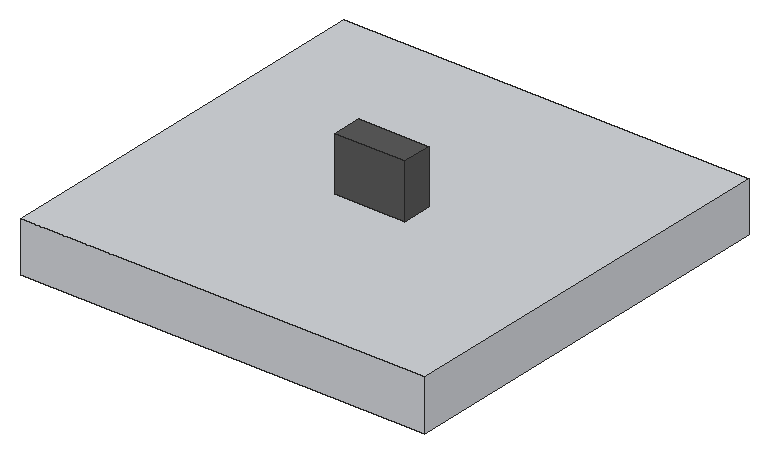
Revit family "2020.08.13", category Устройства связи, Revit 2018 (continued)
Definition of nested family "videomax_minitower"
  Lines and regions (mm)
    model lines, visible <- "Front_500", detail levels fine
      curve 2071: arc (0.836, 137.37, 0) -> (0.559, 137.541, 0) -> (0.449, 137.847, 0) r 0.493
      curve 2072: arc (0.449, 137.847, 0) -> (0.426, 138.174, 0) -> (0.449, 138.5, 0) r 2.406
      curve 2073: arc (4.6, 136.967, 0) -> (4.705, 136.762, 0) -> (4.899, 136.64, 0) r 0.437
      curve 2074: arc (5.413, 136.634, 0) -> (5.621, 136.755, 0) -> (5.733, 136.967, 0) r 0.437
      curve 2075: arc (7.254, 139.162, 0) -> (7.144, 139.485, 0) -> (6.845, 139.648, 0) r 0.469
      curve 2076: arc (6.845, 139.648, 0) -> (6.521, 139.682, 0) -> (6.197, 139.648, 0) r 1.531
      curve 2077: arc (6.197, 139.648, 0) -> (5.912, 139.482, 0) -> (5.746, 139.198, 0) r 0.642
      curve 2078: arc (5.251, 137.705, 0) -> (5.167, 137.625, 0) -> (5.082, 137.705, 0) r 0.085
      curve 2079: arc (4.583, 139.204, 0) -> (4.418, 139.484, 0) -> (4.137, 139.648, 0) r 0.645
      curve 2080: arc (4.137, 139.648, 0) -> (3.814, 139.682, 0) -> (3.491, 139.648, 0) r 1.515
      curve 2081: arc (3.491, 139.648, 0) -> (3.196, 139.484, 0) -> (3.082, 139.165, 0) r 0.478
      curve 2082: arc (9.826, 139.322, 0) -> (9.69, 139.527, 0) -> (9.476, 139.648, 0) r 0.524
      curve 2083: arc (9.476, 139.648, 0) -> (9.146, 139.682, 0) -> (8.815, 139.648, 0) r 1.588
      curve 2084: arc (8.815, 139.648, 0) -> (8.592, 139.533, 0) -> (8.456, 139.322, 0) r 0.487
      curve 2085: arc (-4.906, 145.191, 0) -> (-4.781, 145.101, 0) -> (-4.656, 145.191, 0) r 0.132
      curve 2086: arc (-3.141, 149.238, 0) -> (-2.58, 150.064, 0) -> (-1.66, 150.451, 0) r 1.757
      curve 2087: arc (-1.66, 150.451, 0) -> (-1.037, 150.479, 0) -> (-0.418, 150.39, 0) r 3.339
      curve 2088: arc (-2.855, 143.89, 0) -> (-3.305, 143.179, 0) -> (-4.038, 142.768, 0) r 1.716
      curve 2089: arc (-4.038, 142.768, 0) -> (-4.779, 142.678, 0) -> (-5.521, 142.766, 0) r 3.132
      curve 2090: arc (-5.521, 142.766, 0) -> (-6.257, 143.177, 0) -> (-6.707, 143.89, 0) r 1.708
      curve 2091: arc (0.236, 150.014, 0) -> (0.527, 149.661, 0) -> (0.734, 149.253, 0) r 2.097
      curve 2092: arc (3.475, 149.259, 0) -> (3.824, 149.864, 0) -> (4.378, 150.289, 0) r 1.789
      curve 2093: arc (4.378, 150.289, 0) -> (5.392, 150.482, 0) -> (6.409, 150.301, 0) r 2.857
      curve 2094: arc (6.409, 150.301, 0) -> (6.98, 149.875, 0) -> (7.338, 149.259, 0) r 1.781
      curve 2095: arc (5.565, 147.87, 0) -> (5.407, 147.997, 0) -> (5.249, 147.87, 0) r 0.161
      curve 2121: line (-35.87, 173.523, 0) -> (-21.675, 173.523, 0)
      curve 2122: line (-21.675, 173.523, 0) -> (-21.675, 179.795, 0)
      curve 2123: line (-21.675, 179.795, 0) -> (-35.87, 179.795, 0)
      curve 2124: line (-35.87, 179.795, 0) -> (-35.87, 173.523, 0)
      curve 2125: line (-16.687, 179.795, 0) -> (-2.492, 179.795, 0)
      curve 2126: line (-2.492, 179.795, 0) -> (-2.492, 173.523, 0)
      curve 2127: line (-2.492, 173.523, 0) -> (-16.687, 173.523, 0)
      curve 2128: line (-16.687, 173.523, 0) -> (-16.687, 179.795, 0)
      curve 2129: line (-33.76, 177.388, 0) -> (-23.785, 177.388, 0)
      curve 2130: line (-14.577, 177.388, 0) -> (-4.602, 177.388, 0)
      curve 2131: line (19.673, 174.162, 0) -> (17.239, 178.379, 0)
      curve 2132: line (17.239, 178.379, 0) -> (22.108, 178.379, 0)
      curve 2133: line (22.108, 178.379, 0) -> (19.673, 174.162, 0)
      curve 2134: line (48.005, 179.882, 0) -> (48.005, 176.837, 0)
      curve 2135: line (43.697, 199.498, 0) -> (43.717, 200.954, 0)
      curve 2136: line (44.947, 198.753, 0) -> (46.218, 199.464, 0)
      curve 2137: line (42.427, 198.788, 0) -> (41.177, 199.533, 0)
      curve 2138: line (43.697, 196.588, 0) -> (43.717, 195.133, 0)
      curve 2139: line (44.947, 197.333, 0) -> (46.218, 196.623, 0)
      curve 2140: line (42.427, 197.298, 0) -> (41.177, 196.553, 0)
      curve 2141: line (58.628, 199.209, 0) -> (58.628, 196.538, 0)
      curve 2142: line (62.131, 196.538, 0) -> (62.131, 199.209, 0)
      curve 2143: line (-12.166, 158.118, 0) -> (14.229, 158.118, 0)
      curve 2144: line (15.633, 156.714, 0) -> (15.633, 130.309, 0)
      curve 2145: line (14.155, 128.969, 0) -> (-12.346, 128.969, 0)
      curve 2146: line (-13.516, 130.239, 0) -> (-13.516, 156.768, 0)
      curve 2147: line (8.832, 137.946, 0) -> (9.447, 137.946, 0)
      curve 2148: line (9.447, 137.946, 0) -> (9.178, 138.712, 0)
      curve 2149: line (9.178, 138.712, 0) -> (8.832, 137.946, 0)
      curve 2150: line (-10.928, 137.078, 0) -> (-11.978, 139.648, 0)
      curve 2151: line (-11.978, 139.648, 0) -> (-10.938, 139.648, 0)
      curve 2152: line (-10.938, 139.648, 0) -> (-10.226, 137.585, 0)
      curve 2153: line (-10.226, 137.585, 0) -> (-9.405, 139.648, 0)
      curve 2154: line (-9.405, 139.648, 0) -> (-8.377, 139.648, 0)
      curve 2155: line (-8.377, 139.648, 0) -> (-9.426, 137.078, 0)
      curve 2156: line (-8.195, 139.648, 0) -> (-7.227, 139.648, 0)
      curve 2157: line (-7.227, 139.648, 0) -> (-7.227, 136.64, 0)
      curve 2158: line (-7.227, 136.64, 0) -> (-8.195, 136.64, 0)
      curve 2159: line (-8.195, 136.64, 0) -> (-8.195, 139.648, 0)
      curve 2160: line (-6.337, 139.648, 0) -> (-4.966, 139.648, 0)
      curve 2161: line (-4.952, 136.64, 0) -> (-6.303, 136.64, 0)
      curve 2162: line (-6.797, 137.072, 0) -> (-6.797, 139.129, 0)
      curve 2163: line (-5.826, 137.565, 0) -> (-5.826, 138.735, 0)
      curve 2164: line (-3.005, 139.648, 0) -> (-0.798, 139.648, 0)
      curve 2165: line (-0.798, 139.648, 0) -> (-0.798, 138.917, 0)
      curve 2166: line (-0.798, 138.917, 0) -> (-2.304, 138.917, 0)
      curve 2167: line (-2.483, 138.744, 0) -> (-2.483, 138.5, 0)
      curve 2168: line (-2.483, 138.5, 0) -> (-0.841, 138.5, 0)
      curve 2169: line (-0.841, 138.5, 0) -> (-0.841, 137.847, 0)
      curve 2170: line (-0.841, 137.847, 0) -> (-2.483, 137.847, 0)
      curve 2171: line (-2.483, 137.847, 0) -> (-2.483, 137.521, 0)
      curve 2172: line (-2.288, 137.37, 0) -> (-0.798, 137.37, 0)
      curve 2173: line (-0.798, 137.37, 0) -> (-0.798, 136.64, 0)
      curve 2174: line (-0.798, 136.64, 0) -> (-2.951, 136.64, 0)
      curve 2175: line (-3.454, 137.121, 0) -> (-3.454, 139.199, 0)
      curve 2176: line (3.082, 139.165, 0) -> (3.082, 136.64, 0)
      curve 2177: line (3.082, 136.64, 0) -> (4.057, 136.64, 0)
      curve 2178: line (4.057, 136.64, 0) -> (4.027, 138.5, 0)
      curve 2179: line (4.027, 138.5, 0) -> (4.6, 136.967, 0)
      curve 2180: line (4.899, 136.64, 0) -> (5.148, 136.605, 0)
      curve 2181: line (5.148, 136.605, 0) -> (5.413, 136.634, 0)
      curve 2182: line (5.733, 136.967, 0) -> (6.223, 138.5, 0)
      curve 2183: line (6.223, 138.5, 0) -> (6.275, 136.64, 0)
      curve 2184: line (6.275, 136.64, 0) -> (7.254, 136.64, 0)
      curve 2185: line (7.254, 136.64, 0) -> (7.254, 139.162, 0)
      curve 2186: line (5.746, 139.198, 0) -> (5.251, 137.705, 0)
      curve 2187: line (5.082, 137.705, 0) -> (4.583, 139.204, 0)
      curve 2188: line (10.718, 139.648, 0) -> (11.878, 139.648, 0)
      curve 2189: line (11.878, 139.648, 0) -> (12.389, 138.844, 0)
      curve 2190: line (12.389, 138.844, 0) -> (12.901, 139.648, 0)
      curve 2191: line (12.901, 139.648, 0) -> (14.061, 139.648, 0)
      curve 2192: line (14.061, 139.648, 0) -> (12.957, 138.165, 0)
      curve 2193: line (12.957, 138.165, 0) -> (14.095, 136.64, 0)
      curve 2194: line (14.095, 136.64, 0) -> (12.938, 136.64, 0)
      curve 2195: line (12.938, 136.64, 0) -> (12.39, 137.486, 0)
      curve 2196: line (12.39, 137.486, 0) -> (11.844, 136.64, 0)
      curve 2197: line (11.844, 136.64, 0) -> (10.69, 136.64, 0)
      curve 2198: line (10.69, 136.64, 0) -> (11.822, 138.165, 0)
      curve 2199: line (11.822, 138.165, 0) -> (10.718, 139.648, 0)
      curve 2200: line (8.456, 139.322, 0) -> (7.341, 136.64, 0)
      curve 2201: line (7.341, 136.64, 0) -> (8.363, 136.64, 0)
      curve 2202: line (8.363, 136.64, 0) -> (8.6, 137.258, 0)
      curve 2203: line (8.6, 137.258, 0) -> (9.682, 137.258, 0)
      curve 2204: line (9.682, 137.258, 0) -> (9.919, 136.64, 0)
      curve 2205: line (9.919, 136.64, 0) -> (10.935, 136.64, 0)
      curve 2206: line (10.935, 136.64, 0) -> (9.826, 139.322, 0)
      curve 2207: line (-6.707, 143.89, 0) -> (-9.399, 150.482, 0)
      curve 2208: line (-9.399, 150.482, 0) -> (-6.732, 150.482, 0)
      curve 2209: line (-6.732, 150.482, 0) -> (-4.906, 145.191, 0)
      curve 2210: line (-4.656, 145.191, 0) -> (-3.141, 149.238, 0)
      curve 2211: line (-0.418, 150.39, 0) -> (-2.855, 143.89, 0)
      curve 2212: line (0.734, 149.253, 0) -> (2.103, 145.9, 0)
      curve 2213: line (2.103, 145.9, 0) -> (3.475, 149.259, 0)
      curve 2214: line (7.338, 149.259, 0) -> (10.028, 142.673, 0)
      curve 2215: line (10.028, 142.673, 0) -> (7.359, 142.673, 0)
      curve 2216: line (7.359, 142.673, 0) -> (5.565, 147.87, 0)
      curve 2217: line (5.249, 147.87, 0) -> (3.438, 142.673, 0)
      curve 2218: line (3.438, 142.673, 0) -> (0.768, 142.673, 0)
      curve 2219: line (0.768, 142.673, 0) -> (-0.816, 147.2, 0)
      curve 2220: line (-0.816, 147.2, 0) -> (0.236, 150.014, 0)
    model lines, visible <- "Front", detail levels fine
      curve 986: line (0, 325, 0) -> (179.999, 325, 0)
      curve 987: line (179.999, 325, 0) -> (179.999, 0, 0)
      curve 988: line (179.999, 0, 0) -> (0, 0, 0)
      curve 989: line (0, 0, 0) -> (0, 325, 0)
      curve 990: line (16.558, 308.292, 0) -> (165.558, 308.292, 0)
      curve 991: line (165.558, 308.292, 0) -> (165.558, 257.292, 0)
      curve 992: line (165.558, 257.292, 0) -> (16.558, 257.292, 0)
      curve 993: line (16.558, 257.292, 0) -> (16.558, 308.292, 0)
      curve 994: line (16.558, 257.292, 0) -> (165.558, 257.292, 0)
      curve 995: line (165.558, 257.292, 0) -> (165.558, 214.291, 0)
      curve 996: line (165.558, 214.291, 0) -> (16.558, 214.291, 0)
      curve 997: line (16.558, 214.291, 0) -> (16.558, 257.292, 0)
      curve 998: line (16.558, 214.291, 0) -> (165.558, 214.291, 0)
      curve 999: line (165.558, 214.291, 0) -> (165.558, 189.159, 0)
      curve 1000: line (165.558, 189.159, 0) -> (16.558, 189.159, 0)
      curve 1001: line (16.558, 189.159, 0) -> (16.558, 214.291, 0)
      curve 1002: line (16.558, 189.159, 0) -> (165.558, 189.159, 0)
      curve 1003: line (165.558, 189.159, 0) -> (165.558, 164.027, 0)
      curve 1004: line (165.558, 164.027, 0) -> (16.558, 164.027, 0)
      curve 1005: line (16.558, 164.027, 0) -> (16.558, 189.159, 0)
      curve 1006: line (16.558, 164.027, 0) -> (165.558, 164.027, 0)
      curve 1007: line (165.558, 164.027, 0) -> (165.558, 16.558, 0)
      curve 1008: line (165.558, 16.558, 0) -> (16.558, 16.558, 0)
      curve 1009: line (16.558, 16.558, 0) -> (16.558, 164.027, 0)
      curve 1010: line (118.559, 214.159, 0) -> (118.559, 189.159, 0)
      curve 2096: line (-90, 325, 0) -> (90, 325, 0)
      curve 2097: line (90, 325, 0) -> (90, 0, 0)
      curve 2098: line (90, 0, 0) -> (-90, 0, 0)
      curve 2099: line (-90, 0, 0) -> (-90, 325, 0)
      curve 2100: line (-73.441, 308.292, 0) -> (75.558, 308.292, 0)
      curve 2101: line (75.558, 308.292, 0) -> (75.558, 257.292, 0)
      curve 2102: line (75.558, 257.292, 0) -> (-73.441, 257.292, 0)
      curve 2103: line (-73.441, 257.292, 0) -> (-73.441, 308.292, 0)
      curve 2104: line (-73.441, 257.292, 0) -> (75.558, 257.292, 0)
      curve 2105: line (75.558, 257.292, 0) -> (75.558, 214.291, 0)
      curve 2106: line (75.558, 214.291, 0) -> (-73.441, 214.291, 0)
      curve 2107: line (-73.441, 214.291, 0) -> (-73.441, 257.292, 0)
      curve 2108: line (-73.441, 214.291, 0) -> (75.558, 214.291, 0)
      curve 2109: line (75.558, 214.291, 0) -> (75.558, 189.159, 0)
      curve 2110: line (75.558, 189.159, 0) -> (-73.441, 189.159, 0)
      curve 2111: line (-73.441, 189.159, 0) -> (-73.441, 214.291, 0)
      curve 2112: line (-73.441, 189.159, 0) -> (75.558, 189.159, 0)
      curve 2113: line (75.558, 189.159, 0) -> (75.558, 164.027, 0)
      curve 2114: line (75.558, 164.027, 0) -> (-73.441, 164.027, 0)
      curve 2115: line (-73.441, 164.027, 0) -> (-73.441, 189.159, 0)
      curve 2116: line (-73.441, 164.027, 0) -> (75.558, 164.027, 0)
      curve 2117: line (75.558, 164.027, 0) -> (75.558, 16.558, 0)
      curve 2118: line (75.558, 16.558, 0) -> (-73.441, 16.558, 0)
      curve 2119: line (-73.441, 16.558, 0) -> (-73.441, 164.027, 0)
      curve 2120: line (28.559, 214.159, 0) -> (28.559, 189.159, 0)
  Dimensions and locks
    locked: plane 1 "По центру (Вперед/Назад)" to plane 4 at 325
    aligned and locked: level to plane 2
Types (3, lengths in mm): name | Изображение типоразмера | Right | Mini_300 | Midi_300 | MINI TOWER | MIDI TOWER | Left | Itx_300 | ITX | Ширина | Глубина | Высота | Front | Back | ADSK_Обозначение | ADSK_Наименование
  ITX | Micro ITX.png | videomax_itx : Right | no | no | no | no | videomax_itx : Left | yes | yes | 197 | 220 | 63 | videomax_itx : Front | videomax_itx : Back | "ITX" | "УРМ настольного исполнения ITX"
  MINI TOWER | Mini Tower.png | videomax_minitower : Right | yes | no | yes | no | videomax_minitower : Left | no | no | 180 | 425 | 325 | videomax_minitower : Front | videomax_minitower : Back | "MINI TOWER" | "УРМ настольного исполнения MINI TOWER"
  MIDI TOWER | Midi Tower.png | videomax_miditower : Right | no | yes | no | yes | videomax_miditower : Left | no | no | 160 | 428 | 410 | videomax_miditower : Front | videomax_miditower : Back | "MIDI TOWER" | "УРМ настольного исполнения MIDI TOWER"
